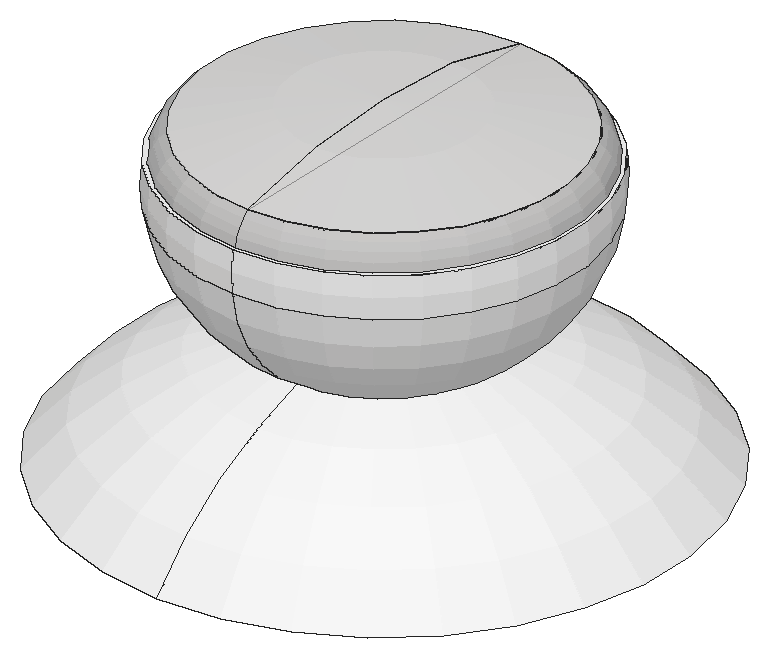
Revit family "CIRS", category Lighting Fixtures, host Face, Revit 2021
Family settings
  Host = Face
  Round Connector Dimension = Use Diameter
  Part Type = Normal
  OmniClass Number = 23.80.70.11.11
  OmniClass Title = General Luminaries, Non Directional
  Cut with Voids When Loaded = No
  Light Source = Yes
  Shared = No
  Room Calculation Point = No
Parameters (values of type "CIRS")
  Wattage Comments = "1W"
  Wattage = 1 W
  Warranty = "2 year full unit warranty"
  built-in parameter 1150110 = 1 (stored number, unit not read)
  URL = "https://www.currentlighting.com/compass"
  Type Comments = "Light Fixture"  # constant formula
  built-in parameter 1114217 = 1 (stored number, unit not read)
  Tilt Angle = 0.00°
  built-in parameter 1150109 = 1 (stored number, unit not read)
  built-in parameter 1150134 = 3
  built-in parameter 1150113 = 1 (stored number, unit not read)
  Steel = Metal-Galvanized_Steel
  Product Page URL = ""
  Product Doucumentation Link = ""
  Photometric Web Link = ""
  Photometric Web File = "compass_led.ies"
  Photometric Note = "For more photometric file please find the above link"
  Model = "CIRS"
  Manufacturer = "Compass Products"  # constant formula
  built-in parameter 1150105 = 0.79577 (stored number, unit not read)
  Lumens = 10 lm
  built-in parameter 1150115 = 1 (stored number, unit not read)
  built-in parameter 1150137 = (empty or 0)
  built-in parameter 1150139 = (empty or 0)
  built-in parameter 1150112 = 1 (stored number, unit not read)
  built-in parameter 1150114 = 1 (stored number, unit not read)
  Lamp = "LED"
  built-in parameter 1150132 = (empty or 0)
  built-in parameter 1150102 = (empty or 0)
  built-in parameter 1150107 = 3200 (stored number, unit not read)
  built-in parameter 1150138 = (empty or 0)
  built-in parameter 1150106 = 0.0079577 (stored number, unit not read)
  Emit from Circle Diameter = 3.00"
  Emit Shape Visible in Rendering = no
  built-in parameter 1150104 = 0.92903 (stored number, unit not read)
  Dimming Lamp Color Temperature Shift = <None>
  Color Filter = 16777215
  Certification = "UL924"
  Glass = Glass - White
  Features = "Single or Double, white or black lamp-head\r\nremote with base-plate\r\n• LED life-cycle of more than 10 years\r\n• Quick installation\r\n• Damp Location Listed\r\n• Fully adjustable lamp-heads"  # constant formula
  Description = "The Round Wall Forms luminaires include five configurations to suit any building application. The classic spherical shape and cross bar design have become an icon in outdoor lighting. An ADA compliant cutoff downlight design provides perimeter lighting while enhancing architecture."
  Default Elevation = 48.00"
  Copyrights = "© Compass Products"
  Contact Us = ""
  Body = Paint - Matte White
  built-in parameter 1114218 = 1 (stored number, unit not read)
  built-in parameter 1150133 = 10 (stored number, unit not read)
  Apparent Load = 1 VA
Reference planes (in)
  plane 1 "Center (Front/Back)": y = 0
  plane 2: z = 0
  plane 3 "Center (Left/Right)": x = 0
  plane 4: x = -5.25
  plane 5: x = 5.25
  plane 6: y = 2.3
  plane 7: y = -2.3
  plane 8: z = 2.6
  plane 9: y = 2.3
  plane 10: y = -2.3
  plane 11: z = 2.6
Forms (in)
  Revolve 1, solid, material "Paint - Matte White" <- "Body"
    sketch origin (0, -4.35647, 4.35661) x (0, 0, -1) y (0, 1, 0)
      loop
        line (4.35654, 4.35654) -> (2.16904, 4.35654) -> (2.16904, 2.8227)
        arc (2.16904, 2.8227) -> (2.33002, 2.81444) -> (2.49073, 2.82674) r 1.26358
        arc (2.49073, 2.82674) -> (3.0389, 3.04286) -> (3.42946, 3.48405) r 1.26358
        arc (3.42946, 3.48405) -> (3.77834, 2.6958) -> (4.35654, 2.05647) r 2.71741
        line (4.35654, 2.05647) -> (4.35654, 4.35654)
      axis (2.16904, 4.35654) -> (4.35654, 4.35654)
    angle from 0 to 360
  Revolve 2, solid, material "Metal-Galvanized_Steel" <- "Steel"
    sketch origin (0, 0, 0) x (0, 1, 0) y (0, 0, 1)
      loop
        line (0, 2.18757) -> (0, 2.40407) -> (-1.37493, 2.40407)
        arc (-1.37493, 2.40407) -> (-1.4592, 2.30839) -> (-1.49993, 2.18757) r 0.32337
        line (-1.49993, 2.18757) -> (0, 2.18757)
      axis (0, 2.40407) -> (0, 2.18757)
    angle from 0 to 360
  Revolve 3, solid, material "Glass - White" <- "Glass"
    sketch origin (0, 0, 0) x (0, 1, 0) y (0, 0, 1)
      loop
        line (0, 2.40407) -> (0, 2.6)
        arc (0, 2.6) -> (-0.69581, 2.56058) -> (-1.37493, 2.40407) r 4.10653
        line (-1.37493, 2.40407) -> (0, 2.40407)
      axis (0, 2.6) -> (0, 2.40407)
    angle from 0 to 360
Dimensions and locks (in)
  plane 8 to level = 2.60"
  plane 6 to plane 7 = 4.60"
  plane 7 to plane 6 = 4.60"
  aligned and locked: plane 2 to host face
  aligned and locked: level to host face
Connectors (in)
  electrical at (0, 0.00007, 0.00007)
    settings: on Revolve 1, index 1, voltage 120 V, apparent load 18 VA, apparent load phase1 0 VA, apparent load phase2 0 VA, apparent load phase3 0 VA, power factor 0.9, load classification "Other", number of poles 1, system type 30, power factor state 1, is connector primary yes, connector utility no, sub classification motor no, connector description "Lighting Connector"
